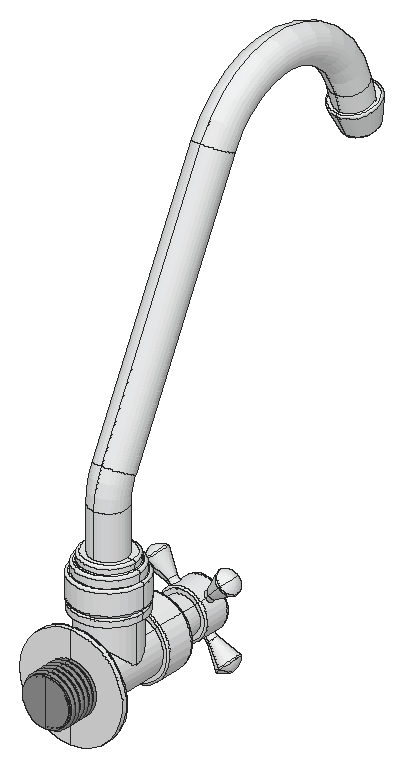
Revit family "415090001_Lavaplatos sencillo de pared CTA Balta", category Plumbing Fixtures, host Wall, Revit 2020
Family settings
  Host = Wall
  Round Connector Dimension = Use Diameter
  Part Type = Normal
  OmniClass Number = 23.31.11.00
  OmniClass Title = Faucets
  Always vertical = Yes
  Cut with Voids When Loaded = No
  Shared = No
  Room Calculation Point = No
Parameters (values of type "Lavaplatos sencillo de pared CTA Balta")
  Vida útil = "(Unidad de cierre): 500000 ciclos."  # constant formula
  Temperatura de uso = "De 4° C a 66° C (40° F y 150° F)."  # constant formula
  Recubrimientos = "Resistente a la corrosión, pelado y decoloración por agua. Recubrimiento no tóxico. Condición de servicio recomendada, uso doméstico."  # constant formula
  Profundidad = 236.5 mm
  Presión mínima recomendada = "138 kPa (20 psi)."  # constant formula
  Presión máxima recomendada = "860 kPa (125 psi)."  # constant formula
  Normatividad = "NTC 1644"  # constant formula
  Model = "Lavaplatos sencillo de pared CTA Balta."  # constant formula
  Material 2 = Corona_Acero inoxidable
  Material = Corona_Aluminio
  Manufacturer = "Corona."  # constant formula
  Fecha de creación = "29/04/2021"  # constant formula
  Diámetro abasto = 12.7 mm
  Description = "Para la fabricación de este producto se utilizan materiales, equipos y tecnología de ultima generación que permiten ofrecer una grifería con los mas altos estándares de calidad."  # constant formula
  Default Elevation = 0 mm
  Creado por = "BIMBAU"  # constant formula
  Capacidad de flujo = "8.3 L/min. (2.2 gpm) a 413 kPa (60 psi)."  # constant formula
  Ancho = 60 mm
  Alto = 329.3 mm
Reference planes
  plane 1 "Wall": y = 0
  plane 2 "Center (Left/Right)": x = 125
  plane 3 "Back": y = 75
Text (mm)
  text "Placement Side" at (-1848.837, 1116.779, 0), in view "Ref. Level"
  text "Placement side" at (0, 1409.804, 2854.306), in view "Left"
  text "Placement side" at (0, 499.811, 2980.732), in view "Right"
Dimensions and locks
  locked: plane 3 "Back" to host wall
  aligned and locked: plane 1 "Wall" to host wall
  aligned and locked: nested 1 to plane 3 "Back"
Nested families
  nested 1: "Lavaplatos sencillo de pared CTA Balta" at (125, 75, 500) x (-1, 0, 0) z (0, 0, 1), type "Lavaplatos sencillo de pared CTA Balta"
Connectors
  piping at (125, 55, 467.243), diameter 12.7, driven by "Diámetro abasto"
    settings: on nested 1, index 1, connector inside diameter 609.6 mm, connector length 0 mm, flow factor 0, pipe flow 0.0 L/s, pressure drop 0.0 Pa, fitting loss kfactor 0, connector angle 0.00°, fixture units 0, engagement length 0 mm, angle of deflection 0.00°, flow configuration 0, flow direction 0, fitting loss method 0, system type 7, joint type 0, gender type 0, connector reference index -1, connector utility 0, adjustable connector no, is connector primary yes, connector description ""
Definition of nested family "Lavaplatos sencillo de pared CTA Balta"
  Parameters (values of type "Lavaplatos sencillo de pared CTA Balta")
    Profundidad = 236.5 mm
    Model = "415090001_Lavaplatos sencillo de pared CTA Balta"  # constant formula
    Material 2 = none
    Material = none
    Manufacturer = "Corona"  # constant formula
    Description = "Para la fabricación de este producto se utilizan materiales, equipos y tecnología de ultima generación que permiten ofrecer una grifería con los mas altos estándares de calidad."  # constant formula
    Default Elevation = 0 mm
    Ancho = 60 mm
    Alto = 329.3 mm
  Reference planes
    plane 1 "Center (Front/Back)": y = 0
    plane 2: z = 0
    plane 3 "Center (Left/Right)": x = 0
    plane 4: z = -60
    plane 5: x = 30
    plane 6: x = -30
    plane 7: y = -236.5
    plane 8: z = 269.3
  Forms (mm)
    Revolve 1, solid, material <- "Material", detail levels medium+fine
      sketch origin (20.998, -7.802, -51.07) x (-0.707107, 0, 0.707107) y (0, -1, 0)
        loop
          line (11.362, -7.802) -> (29.696, -7.802) -> (29.696, 104.008)
          arc (29.696, 104.008) -> (21.883, 102.485) -> (15.213, 98.14) r 20.806
          arc (15.213, 98.14) -> (14.506, 97.848) -> (14.213, 97.14) r 1
          line (14.213, 97.14) -> (14.213, 81.439)
          arc (14.213, 81.439) -> (14.506, 80.732) -> (15.213, 80.439) r 1
          line (15.213, 80.439) -> (18.11, 80.439) -> (16.358, 66.173)
          arc (16.358, 66.173) -> (16.16, 65.797) -> (15.763, 65.646) r 0.6
          line (15.763, 65.646) -> (14.575, 65.646)
          arc (14.575, 65.646) -> (13.938, 65.383) -> (13.675, 64.746) r 0.9
          line (13.675, 64.746) -> (13.675, 62.327)
          arc (13.675, 62.327) -> (13.382, 61.619) -> (12.675, 61.327) r 1
          line (12.675, 61.327) -> (8.492, 61.327)
          arc (8.492, 61.327) -> (7.785, 61.034) -> (7.492, 60.327) r 1
          line (7.492, 60.327) -> (7.492, 43.198)
          arc (7.492, 43.198) -> (7.785, 42.491) -> (8.492, 42.198) r 1
          line (8.492, 42.198) -> (11.362, 42.198) -> (11.362, -7.802)
        axis (29.696, 104.008) -> (29.696, -7.802)
      angle from 0 to 360
    Revolve 2, solid, material <- "Material", detail levels medium+fine
      sketch origin (21.882, -11.552, -51.954) x (-0.707107, 0, 0.707107) y (0, -1, 0)
        loop
          line (-6.337, 84.771) -> (19.448, 84.771) -> (19.448, 89.387)
          arc (19.448, 89.387) -> (16.023, 87.819) -> (12.261, 88.024) r 7.857
          line (12.261, 88.024) -> (-1.509, 92.234)
          arc (-1.509, 92.234) -> (-2.005, 92.257) -> (-2.451, 92.038) r 1
          arc (-2.451, 92.038) -> (-5.078, 88.77) -> (-6.337, 84.771) r 11.338
        axis (-6.337, 84.771) -> (19.448, 84.771)
      angle from 0 to 360
    Revolve 3, solid, material <- "Material", detail levels medium+fine
      sketch origin (-21.882, -11.552, -8.19) x (0.707107, 0, -0.707107) y (0, 1, 0)
        loop
          arc (-6.337, -84.771) -> (-5.078, -88.77) -> (-2.451, -92.038) r 11.338
          arc (-2.451, -92.038) -> (-2.005, -92.257) -> (-1.509, -92.234) r 1
          line (-1.509, -92.234) -> (12.261, -88.024)
          arc (12.261, -88.024) -> (16.023, -87.819) -> (19.448, -89.387) r 7.857
          line (19.448, -89.387) -> (19.448, -84.771) -> (-6.337, -84.771)
        axis (-6.337, -84.771) -> (19.448, -84.771)
      angle from 0 to 360
    Revolve 4, solid, material <- "Material", detail levels medium+fine
      sketch origin (-21.882, -11.552, -51.954) x (0.707107, 0, 0.707107) y (0, -1, 0)
        loop
          line (-6.337, 84.771) -> (19.448, 84.771) -> (19.448, 89.387)
          arc (19.448, 89.387) -> (16.023, 87.819) -> (12.261, 88.024) r 7.857
          line (12.261, 88.024) -> (-1.509, 92.234)
          arc (-1.509, 92.234) -> (-2.005, 92.257) -> (-2.451, 92.038) r 1
          arc (-2.451, 92.038) -> (-5.078, 88.77) -> (-6.337, 84.771) r 11.338
        axis (-6.337, 84.771) -> (19.448, 84.771)
      angle from 0 to 360
    Revolve 5, solid, material <- "Material", detail levels medium+fine
      sketch origin (21.882, -11.552, -8.19) x (-0.707107, 0, -0.707107) y (0, 1, 0)
        loop
          arc (-6.337, -84.771) -> (-5.078, -88.77) -> (-2.451, -92.038) r 11.338
          arc (-2.451, -92.038) -> (-2.005, -92.257) -> (-1.509, -92.234) r 1
          line (-1.509, -92.234) -> (12.261, -88.024)
          arc (12.261, -88.024) -> (16.023, -87.819) -> (19.448, -89.387) r 7.857
          line (19.448, -89.387) -> (19.448, -84.771) -> (-6.337, -84.771)
        axis (-6.337, -84.771) -> (19.448, -84.771)
      angle from 0 to 360
    Extrusion 6, solid, material <- "Material", detail levels medium+fine
      sketch origin (0, 0, 0) x (1, 0, 0) y (0, 1, 0)
        loop
          circle (0, -30) r 18
      from -30.201 to 0
    Revolve 7, solid, material <- "Material", detail levels medium+fine
      sketch origin (0, -30, -27.171) x (1, 0, 0) y (0, 0, 1)
        loop
          spline (-19.541, 32.897) -> (-19.489, 32.879) -> (-19.441, 32.827) -> (-19.4, 32.745) -> (-19.368, 32.637) -> (-19.348, 32.512) -> (-19.341, 32.378) -> (-19.348, 32.243) -> (-19.368, 32.118) -> (-19.4, 32.011) -> (-19.441, 31.928) -> (-19.489, 31.876) -> (-19.541, 31.859)
          line (-19.541, 31.859) -> (-20.538, 31.859)
          arc (-20.538, 31.859) -> (-21.245, 31.566) -> (-21.538, 30.859) r 1
          line (-21.538, 30.859) -> (-21.538, 27.171) -> (0, 27.171) -> (0, 59.311) -> (-15.174, 59.311)
          arc (-15.174, 59.311) -> (-16.235, 58.872) -> (-16.674, 57.811) r 1.5
          line (-16.674, 57.811) -> (-16.674, 54.919)
          arc (-16.674, 54.919) -> (-16.821, 54.565) -> (-17.174, 54.419) r 0.5
          line (-17.174, 54.419) -> (-18.041, 54.419)
          arc (-18.041, 54.419) -> (-19.102, 53.979) -> (-19.541, 52.919) r 1.5
          line (-19.541, 52.919) -> (-19.541, 48.467) -> (-20.532, 48.467)
          arc (-20.532, 48.467) -> (-21.593, 48.028) -> (-22.032, 46.967) r 1.5
          line (-22.032, 46.967) -> (-22.032, 33.897)
          arc (-22.032, 33.897) -> (-21.739, 33.19) -> (-21.032, 32.897) r 1
          line (-21.032, 32.897) -> (-19.541, 32.897)
        axis (0, 59.311) -> (0, 27.171)
      angle from 0 to 360
    Sweep 8, solid, material <- "Material", detail levels medium+fine
      path origin (26.25, -115.521, 0) x (0, 1, 0) y (0, 0, 1)
        loop
          line (97.401, 0) -> (97.401, 59.52)
          arc (97.401, 59.52) -> (95.916, 71.616) -> (91.548, 82.993) r 50
          line (91.548, 82.993) -> (12.233, 232.163)
          arc (12.233, 232.163) -> (-56.282, 268.978) -> (-116.514, 219.766) r 70
          line (-116.514, 219.766) -> (-121.452, 203.616)
      profile origin (26.25, -18.12, 29.76) x (0, -1, 0) y (1, 0, 0)
        loop
          circle (11.216, -26.25) r 11.216
    Revolve 9, solid, material <- "Material", detail levels medium+fine
      sketch origin (-0.129, -118.021, 0) x (0, 1, 0) y (0, 0, 1)
        loop
          line (-122.148, 191.426) -> (-112.572, 188.499) -> (-107.341, 205.609) -> (-120.528, 209.64)
          arc (-120.528, 209.64) -> (-121.39, 209.506) -> (-121.819, 208.747) r 1
          line (-121.819, 208.747) -> (-122.854, 192.446)
          arc (-122.854, 192.446) -> (-122.678, 191.814) -> (-122.148, 191.426) r 1
        axis (-107.341, 205.609) -> (-112.572, 188.499)
      angle from 0 to 360
    Revolve 10, solid, material <- "Material", detail levels medium+fine
      sketch origin (0, 0, 0) x (0, 1, 0) y (0, 0, 1)
        loop
          line (0, -32.757) -> (0, 0) -> (-3.147, 0)
          arc (-3.147, 0) -> (-3.545, -0.155) -> (-3.735, -0.539) r 0.59
          line (-3.735, -0.539) -> (-4.812, -12.855)
          arc (-4.812, -12.855) -> (-4.922, -14.532) -> (-4.959, -16.211) r 38.507
          line (-4.959, -16.211) -> (-4.959, -32.757) -> (0, -32.757)
        axis (0, -32.757) -> (-4.959, -32.757)
      angle from 0 to 360
    Revolve 11, solid, material <- "Material 2", detail levels medium+fine
      sketch origin (0, 0, 0) x (0, 1, 0) y (0, 0, 1)
        loop
          line (0, -32.757) -> (20, -32.757) -> (20, -17.757)
          arc (20, -17.757) -> (19.25, -18.507) -> (18.5, -17.757) r 0.75
          arc (18.5, -17.757) -> (17.5, -16.757) -> (16.5, -17.757) r 1
          arc (16.5, -17.757) -> (15.75, -18.507) -> (15, -17.757) r 0.75
          arc (15, -17.757) -> (14, -16.757) -> (13, -17.757) r 1
          arc (13, -17.757) -> (12.25, -18.507) -> (11.5, -17.757) r 0.75
          arc (11.5, -17.757) -> (10.5, -16.757) -> (9.5, -17.757) r 1
          arc (9.5, -17.757) -> (8.75, -18.507) -> (8, -17.757) r 0.75
          arc (8, -17.757) -> (7, -16.757) -> (6, -17.757) r 1
          arc (6, -17.757) -> (5.25, -18.507) -> (4.5, -17.757) r 0.75
          arc (4.5, -17.757) -> (3.5, -16.757) -> (2.5, -17.757) r 1
          arc (2.5, -17.757) -> (1.75, -18.507) -> (1, -17.757) r 0.75
          arc (1, -17.757) -> (0.707, -17.05) -> (0, -16.757) r 1
          line (0, -16.757) -> (0, -32.757)
        axis (0, -32.757) -> (20, -32.757)
      angle from 0 to 360
    Extrusion 12, solid, material <- "Material", detail levels coarse
      sketch origin (0, 0, 0) x (1, 0, 0) y (0, 0, 1)
        loop
          line (-30, 269.3) -> (-30, -60) -> (30, -60) -> (30, 269.3) -> (-30, 269.3)
      from 0 to 236.5
  Cuts and joins
    joined: Revolve 1, Revolve 10
  Dimensions and locks
    "Profundidad": plane 1 "Center (Front/Back)" to plane 7
    "Ancho": plane 6 to plane 5
    "Alto": plane 8 to plane 4
    aligned and locked: level to plane 2
  Automatic sketch dimensions
    plane 1 "Center (Front/Back)" to Revolve 1 sketch curve = 0 mm
    plane 1 "Center (Front/Back)" to Revolve 1 sketch curve = 68.128 mm
    Revolve 1 sketch curve to Revolve 1 sketch curve = 1 mm  (x5)
    Revolve 1 sketch curve to Revolve 1 sketch curve = 2.87 mm
    Revolve 1 sketch curve to Revolve 1 sketch curve = 4.182 mm
    Revolve 1 sketch curve to Revolve 1 sketch curve = 0.539 mm
    Revolve 1 sketch curve to Revolve 1 sketch curve = 0.9 mm
    Revolve 1 sketch curve to Revolve 1 sketch curve = 1.188 mm
    plane 1 "Center (Front/Back)" to Revolve 1 sketch curve = 73.975 mm
    Revolve 1 sketch curve to Revolve 1 sketch curve = 0.596 mm
    Revolve 1 sketch curve to Revolve 1 sketch curve = 2.896 mm
    Revolve 1 sketch curve to Revolve 1 sketch curve = 11.586 mm
    Revolve 1 sketch curve to Revolve 1 sketch curve = 18.128 mm
    Revolve 1 sketch curve to Revolve 1 sketch curve = 2.42 mm
    Revolve 1 sketch curve to Revolve 1 sketch curve = 14.192 mm
    Revolve 1 sketch curve to Revolve 1 sketch curve = 2.763 mm
    Revolve 1 sketch curve to Revolve 1 sketch curve = 15.702 mm
    Revolve 1 sketch curve to Revolve 1 sketch curve = 13.338 mm
    Revolve 1 sketch curve to Revolve 1 sketch curve = 11.014 mm
    Revolve 1 sketch curve to Revolve 1 sketch curve = 8.043 mm
    plane 1 "Center (Front/Back)" to Revolve 2 sketch curve = 96.323 mm
    Revolve 2 sketch curve to Revolve 2 sketch curve = 4.536 mm
    plane 1 "Center (Front/Back)" to Revolve 2 sketch curve = 103.786 mm
    Revolve 2 sketch curve to Revolve 2 sketch curve = 0.292 mm
    Revolve 2 sketch curve to Revolve 2 sketch curve = 6.721 mm
    plane 1 "Center (Front/Back)" to Revolve 2 sketch curve = 99.576 mm
    Revolve 2 sketch curve to Revolve 2 sketch curve = 7.341 mm
    Revolve 2 sketch curve to Revolve 2 sketch curve = 2.297 mm
    Revolve 2 sketch curve to Revolve 2 sketch curve = 7.186 mm
    Revolve 2 sketch curve to Revolve 2 sketch curve = 4.601 mm
    Revolve 2 sketch curve to Revolve 2 sketch curve = 4.617 mm
    Revolve 2 sketch curve to Revolve 2 sketch curve = 0.956 mm
    Revolve 2 sketch curve to Revolve 2 sketch curve = 1.352 mm
    Revolve 2 sketch curve to Revolve 2 sketch curve = 2.585 mm
    Revolve 2 sketch curve to Revolve 2 sketch curve = 1.347 mm
    plane 1 "Center (Front/Back)" to Revolve 3 sketch curve = 96.323 mm
    Revolve 3 sketch curve to Revolve 3 sketch curve = 4.536 mm
    plane 1 "Center (Front/Back)" to Revolve 3 sketch curve = 103.786 mm
    Revolve 3 sketch curve to Revolve 3 sketch curve = 0.292 mm
    Revolve 3 sketch curve to Revolve 3 sketch curve = 6.721 mm
    plane 1 "Center (Front/Back)" to Revolve 3 sketch curve = 99.576 mm
    Revolve 3 sketch curve to Revolve 3 sketch curve = 7.341 mm
    Revolve 3 sketch curve to Revolve 3 sketch curve = 2.297 mm
    Revolve 3 sketch curve to Revolve 3 sketch curve = 7.186 mm
    Revolve 3 sketch curve to Revolve 3 sketch curve = 7.514 mm
    Revolve 3 sketch curve to Revolve 3 sketch curve = 0.956 mm
    Revolve 3 sketch curve to Revolve 3 sketch curve = 4.601 mm
    Revolve 3 sketch curve to Revolve 3 sketch curve = 1.352 mm
    Revolve 3 sketch curve to Revolve 3 sketch curve = 2.585 mm
    Revolve 3 sketch curve to Revolve 3 sketch curve = 1.347 mm
    plane 1 "Center (Front/Back)" to Revolve 4 sketch curve = 96.323 mm
    Revolve 4 sketch curve to Revolve 4 sketch curve = 4.536 mm
    plane 1 "Center (Front/Back)" to Revolve 4 sketch curve = 103.786 mm
    Revolve 4 sketch curve to Revolve 4 sketch curve = 0.292 mm
    Revolve 4 sketch curve to Revolve 4 sketch curve = 6.721 mm
    plane 1 "Center (Front/Back)" to Revolve 4 sketch curve = 99.576 mm
    Revolve 4 sketch curve to Revolve 4 sketch curve = 7.341 mm
    Revolve 4 sketch curve to Revolve 4 sketch curve = 2.297 mm
    Revolve 4 sketch curve to Revolve 4 sketch curve = 7.186 mm
    Revolve 4 sketch curve to Revolve 4 sketch curve = 4.601 mm
    Revolve 4 sketch curve to Revolve 4 sketch curve = 4.617 mm
    Revolve 4 sketch curve to Revolve 4 sketch curve = 0.956 mm
    Revolve 4 sketch curve to Revolve 4 sketch curve = 1.352 mm
    Revolve 4 sketch curve to Revolve 4 sketch curve = 2.585 mm
    Revolve 4 sketch curve to Revolve 4 sketch curve = 1.347 mm
    plane 1 "Center (Front/Back)" to Revolve 5 sketch curve = 96.323 mm
    Revolve 5 sketch curve to Revolve 5 sketch curve = 4.536 mm
    plane 1 "Center (Front/Back)" to Revolve 5 sketch curve = 103.786 mm
    Revolve 5 sketch curve to Revolve 5 sketch curve = 0.292 mm
    Revolve 5 sketch curve to Revolve 5 sketch curve = 6.721 mm
    plane 1 "Center (Front/Back)" to Revolve 5 sketch curve = 99.576 mm
    Revolve 5 sketch curve to Revolve 5 sketch curve = 7.341 mm
    Revolve 5 sketch curve to Revolve 5 sketch curve = 2.297 mm
    Revolve 5 sketch curve to Revolve 5 sketch curve = 7.186 mm
    Revolve 5 sketch curve to Revolve 5 sketch curve = 7.514 mm
    Revolve 5 sketch curve to Revolve 5 sketch curve = 0.956 mm
    Revolve 5 sketch curve to Revolve 5 sketch curve = 4.601 mm
    Revolve 5 sketch curve to Revolve 5 sketch curve = 1.352 mm
    Revolve 5 sketch curve to Revolve 5 sketch curve = 2.585 mm
    Revolve 5 sketch curve to Revolve 5 sketch curve = 1.347 mm
    Extrusion 6 sketch curve to plane 3 "Center (Left/Right)" = 0 mm
    plane 1 "Center (Front/Back)" to Extrusion 6 sketch curve = 30 mm
    Revolve 7 sketch curve to level = 0 mm
    Revolve 7 sketch curve to plane 3 "Center (Left/Right)" = 0 mm  (x2)
    Revolve 7 sketch curve to plane 6 = 14.826 mm
    Revolve 7 sketch curve to Revolve 7 sketch curve = 1.5 mm  (x3)
    Revolve 7 sketch curve to Revolve 7 sketch curve = 0.5 mm
    Revolve 7 sketch curve to Revolve 7 sketch curve = 0.867 mm
    level to Revolve 7 sketch curve = 5.726 mm
    Revolve 7 sketch curve to plane 6 = 10.459 mm
    Revolve 7 sketch curve to Revolve 7 sketch curve = 0.991 mm
    Revolve 7 sketch curve to Revolve 7 sketch curve = 0.997 mm
    Revolve 7 sketch curve to Revolve 7 sketch curve = 1.491 mm
    Revolve 7 sketch curve to Revolve 7 sketch curve = 1 mm
    Revolve 7 sketch curve to Revolve 7 sketch curve = 2.038 mm
    Revolve 7 sketch curve to Revolve 7 sketch curve = 13.071 mm
    Revolve 7 sketch curve to Revolve 7 sketch curve = 4.451 mm
    Revolve 7 sketch curve to Revolve 7 sketch curve = 2.893 mm
    Revolve 7 sketch curve to level = 7.834 mm
    Revolve 7 sketch curve to Revolve 7 sketch curve = 15.475 mm
    Sweep 8 sketch curve to level = 0 mm
    plane 7 to Sweep 8 sketch curve = 4.464 mm
    Sweep 8 sketch curve to Sweep 8 sketch curve = 66.941 mm
    Sweep 8 sketch curve to plane 8 = 37.137 mm
    Sweep 8 sketch curve to Sweep 8 sketch curve = 61.806 mm
    plane 1 "Center (Front/Back)" to Sweep 8 sketch curve = 68.12 mm
    plane 1 "Center (Front/Back)" to Sweep 8 sketch curve = 23.973 mm
    plane 1 "Center (Front/Back)" to Sweep 8 sketch curve = 18.12 mm
    level to Sweep 8 sketch curve = 59.52 mm
    Sweep 8 sketch curve to Sweep 8 sketch curve = 32.863 mm
    Sweep 8 sketch curve to plane 7 = 0.473 mm
    Sweep 8 sketch curve to Sweep 8 sketch curve = 16.15 mm
    Sweep 8 sketch curve to profile plane = 11.216 mm
    Sweep 8 sketch curve to profile plane = 26.25 mm
    Revolve 9 sketch curve to plane 7 = 4.375 mm
    Revolve 9 sketch curve to Revolve 9 sketch curve = 0.706 mm
    Revolve 9 sketch curve to Revolve 9 sketch curve = 0.292 mm  (x2)
    Revolve 9 sketch curve to plane 7 = 3.34 mm
    Revolve 9 sketch curve to Revolve 9 sketch curve = 0.998 mm
    plane 7 to Revolve 9 sketch curve = 5.906 mm
    plane 7 to Revolve 9 sketch curve = 11.137 mm
    Revolve 9 sketch curve to plane 8 = 80.801 mm
    Revolve 9 sketch curve to Revolve 9 sketch curve = 2.928 mm
    Revolve 9 sketch curve to Revolve 9 sketch curve = 0.956 mm  (x2)
    Revolve 9 sketch curve to Revolve 9 sketch curve = 1.414 mm
    Revolve 9 sketch curve to Revolve 9 sketch curve = 0.16 mm
    Revolve 9 sketch curve to Revolve 9 sketch curve = 4.625 mm
    Revolve 9 sketch curve to Revolve 9 sketch curve = 0.524 mm
    Revolve 10 sketch curve to level = 0 mm
    Revolve 10 sketch curve to plane 1 "Center (Front/Back)" = 0 mm
    plane 1 "Center (Front/Back)" to Revolve 10 sketch curve = 3.147 mm
    Revolve 10 sketch curve to level = 0.539 mm
    Revolve 10 sketch curve to Revolve 10 sketch curve = 0.588 mm
    plane 1 "Center (Front/Back)" to Revolve 10 sketch curve = 4.812 mm
    Revolve 10 sketch curve to Revolve 10 sketch curve = 0.147 mm
    Revolve 10 sketch curve to level = 16.211 mm
    Revolve 10 sketch curve to plane 1 "Center (Front/Back)" = 33.549 mm
    Revolve 10 sketch curve to Revolve 10 sketch curve = 16.545 mm
    plane 1 "Center (Front/Back)" to Revolve 10 sketch curve = 2.459 mm
    Revolve 10 sketch curve to Revolve 10 sketch curve = 1.28 mm
    Revolve 10 sketch curve to Revolve 10 sketch curve = 0 mm
    Revolve 11 sketch curve to plane 1 "Center (Front/Back)" = 0 mm
    Revolve 11 sketch curve to Revolve 11 sketch curve = 1.75 mm  (x11)
    Revolve 11 sketch curve to Revolve 11 sketch curve = 0.75 mm
    plane 4 to Revolve 11 sketch curve = 27.243 mm
    Revolve 11 sketch curve to Revolve 11 sketch curve = 15 mm
    Revolve 11 sketch curve to Revolve 11 sketch curve = 1 mm
    Revolve 11 sketch curve to Revolve 11 sketch curve = 0 mm  (x11)
    Revolve 11 sketch curve to plane 1 "Center (Front/Back)" = 1.58 mm
    Revolve 11 sketch curve to Revolve 11 sketch curve = 5.841 mm
    Extrusion 12 sketch curve to plane 4 = 0 mm
    plane 6 to Extrusion 12 sketch curve = 0 mm
    Extrusion 12 sketch curve to plane 5 = 0 mm
    Extrusion 12 sketch curve to plane 8 = 0 mm
    radius of Extrusion 6 sketch curve = 18 mm
    radius of Sweep 8 sketch curve = 11.216 mm
  Nested families
    nested 1: "Lateral" at (0, 0, -65.513) x (0, -1, 0) z (1, 0, 0), type "Lateral", detail levels medium+fine
    nested 2: "Frontal" at (0, 0, -60) x (1, 0, 0) z (0, -1, 0), type "Frontal", detail levels medium+fine
  Definition of nested family "Lateral"
    Reference planes
      plane 1 "Center (Front/Back)": y = 0
      plane 2: z = 0
      plane 3 "Center (Left/Right)": x = 0
      plane 4: x = 237
      plane 5: y = 329
    Lines and regions (mm)
      Filled region 1, type "Solid", in view "Ref. Level"
        outline origin (0, 0, 0) x (1, 0, 0) y (0, 1, 0)
          loop
            line (0, 0) -> (3.594, 0)
            arc (3.594, 0) -> (4.62, 0.406) -> (5.091, 1.403) r 1.5
            line (5.091, 1.403) -> (5.377, 5.843)
            arc (5.377, 5.843) -> (6.188, 30.974) -> (5.377, 56.104) r 390
            line (5.377, 56.104) -> (5.093, 60.503)
            arc (5.093, 60.503) -> (4.609, 61.53) -> (3.553, 61.947) r 1.544
            line (3.553, 61.947) -> (0, 61.947) -> (0, 0)
      Filled region 2, type "Solid", in view "Ref. Level"
        outline origin (0, 0, 0) x (1, 0, 0) y (0, 1, 0)
          loop
            arc (5.812, 48.081) -> (6.188, 30.58) -> (5.777, 13.081) r 390
            line (5.777, 13.081) -> (51.033, 13.081) -> (51.033, 9.081) -> (69.533, 9.081) -> (69.533, 15.081) -> (73.479, 15.919) -> (73.479, 18.419) -> (87.944, 19.431) -> (87.944, 15.931) -> (91.944, 15.931) -> (89.059, 8.003)
            spline (89.059, 8.003) -> (89.323, 6.528) -> (90.097, 5.153) -> (91.329, 3.972) -> (92.934, 3.066) -> (94.803, 2.497) -> (96.809, 2.303) -> (98.815, 2.497) -> (100.684, 3.066) -> (102.289, 3.972) -> (103.52, 5.153) -> (104.295, 6.528) -> (104.559, 8.003)
            line (104.559, 8.003) -> (101.673, 15.931) -> (106.173, 15.931) -> (106.173, 16.931)
            spline (106.173, 16.931) -> (107.726, 17.396) -> (109.173, 18.759) -> (110.416, 20.929) -> (111.37, 23.756) -> (111.969, 27.048) -> (112.173, 30.581) -> (111.969, 34.113) -> (111.37, 37.405) -> (110.416, 40.232) -> (109.173, 42.402) -> (107.726, 43.765) -> (106.173, 44.23)
            line (106.173, 44.23) -> (106.173, 45.23) -> (101.673, 45.23) -> (104.559, 53.158)
            spline (104.559, 53.158) -> (104.295, 54.633) -> (103.52, 56.008) -> (102.289, 57.189) -> (100.684, 58.095) -> (98.815, 58.664) -> (96.809, 58.858) -> (94.803, 58.664) -> (92.934, 58.095) -> (91.329, 57.189) -> (90.097, 56.008) -> (89.323, 54.633) -> (89.059, 53.158)
            line (89.059, 53.158) -> (91.944, 45.23) -> (87.944, 45.23) -> (87.944, 41.73) -> (73.479, 42.742) -> (73.479, 45.242) -> (69.533, 46.081) -> (69.533, 52.081) -> (51.033, 52.081) -> (51.033, 48.081) -> (47.533, 48.081) -> (47.533, 60.581) -> (12.533, 60.581) -> (12.533, 48.081) -> (5.812, 48.081)
      Filled region 3, type "Solid", in view "Ref. Level"
        outline origin (0, 0, 0) x (1, 0, 0) y (0, 1, 0)
          loop
            line (51.779, 60.581) -> (51.779, 64.081) -> (49.279, 64.081) -> (49.279, 65.831) -> (51.779, 65.831) -> (51.779, 80.331)
            arc (51.779, 80.331) -> (51.066, 82.236) -> (49.279, 83.206) r 2.904
            line (49.279, 83.206) -> (49.279, 85.706)
            arc (49.279, 85.706) -> (48.553, 87.458) -> (46.801, 88.184) r 2.477
            line (46.801, 88.184) -> (46.801, 90.184) -> (45.033, 91.952) -> (15.033, 91.952) -> (13.266, 90.184) -> (13.266, 88.184)
            arc (13.266, 88.184) -> (11.514, 87.458) -> (10.788, 85.706) r 2.477
            line (10.788, 85.706) -> (10.788, 83.206)
            arc (10.788, 83.206) -> (9.001, 82.236) -> (8.288, 80.331) r 2.904
            line (8.288, 80.331) -> (8.288, 65.831) -> (10.788, 65.831) -> (10.788, 64.081) -> (8.288, 64.081) -> (8.288, 60.581) -> (51.779, 60.581)
      Filled region 4, type "Solid", in view "Ref. Level"
        outline origin (0, 0, 0) x (1, 0, 0) y (0, 1, 0)
          loop
            line (18.066, 91.952) -> (40.066, 91.952) -> (40.066, 117.74)
            arc (40.066, 117.74) -> (41.106, 126.207) -> (44.163, 134.171) r 35
            line (44.163, 134.171) -> (125.023, 286.247)
            arc (125.023, 286.247) -> (165.432, 307.002) -> (205.399, 285.408) r 48.727
            line (205.399, 285.408) -> (218.726, 265.526) -> (214.572, 262.742) -> (230.862, 249.216) -> (247.475, 260.352) -> (241.153, 280.56) -> (237, 277.776) -> (223.673, 297.657)
            arc (223.673, 297.657) -> (164.923, 329.004) -> (106.173, 297.657) r 70.727
            line (106.173, 297.657) -> (22.163, 139.657)
            arc (22.163, 139.657) -> (19.106, 131.692) -> (18.066, 123.225) r 35
            line (18.066, 123.225) -> (18.066, 91.952)
      detail lines, in view "Ref. Level"
        curve 1: line (101.673, 15.931, 0) -> (100.291, 19.73, 0)
        curve 2: line (91.944, 15.931, 0) -> (93.327, 19.73, 0)
        curve 3: arc (92.83, 23.284, 0) -> (96.604, 24.697, 0) -> (100.378, 23.284, 0) r 5.746
        curve 4: line (101.673, 45.23, 0) -> (100.291, 41.431, 0)
        curve 5: line (91.944, 45.23, 0) -> (93.327, 41.431, 0)
        curve 6: arc (92.83, 37.877, 0) -> (96.604, 36.464, 0) -> (100.378, 37.877, 0) r 5.746
        curve 7: line (87.944, 41.73, 0) -> (87.944, 19.431, 0)
        curve 8: line (73.479, 42.742, 0) -> (73.479, 18.419, 0)
        curve 9: line (69.533, 15.081, 0) -> (69.533, 46.081, 0)
        curve 10: line (51.033, 48.081, 0) -> (51.033, 13.081, 0)
        curve 11: line (106.173, 44.23, 0) -> (106.173, 16.931, 0)
        curve 12: line (49.279, 64.081, 0) -> (10.788, 64.081, 0)
        curve 13: line (10.788, 65.831, 0) -> (49.279, 65.831, 0)
        curve 14: line (49.279, 83.206, 0) -> (10.788, 83.206, 0)
        curve 15: line (13.266, 88.184, 0) -> (46.801, 88.184, 0)
        curve 16: line (218.726, 265.526, 0) -> (237, 277.776, 0)
  Definition of nested family "Frontal"
    Reference planes
      plane 1 "Center (Front/Back)": y = 0
      plane 2: z = 0
      plane 3 "Center (Left/Right)": x = 0
      plane 4: x = -30
      plane 5: x = 30
      plane 6: y = 299.3
    Lines and regions (mm)
      Filled region 1, type "Solid Fill - Black", in view "Ref. Level"
        outline origin (0, 0, 0) x (1, 0, 0) y (0, 1, 0)
          loop
            circle (0, 30) r 30
      Filled region 2, type "Solid Fill - Black", in view "Ref. Level"
        outline origin (0, 0, 0) x (1, 0, 0) y (0, 1, 0)
          loop
            arc (6.728, 43.406) -> (10.607, 40.607) -> (13.406, 36.728) r 15
            line (13.406, 36.728) -> (29.984, 44.458)
            spline (29.984, 44.458) -> (30.823, 45.827) -> (31.076, 47.63) -> (30.726, 49.747) -> (29.796, 52.033) -> (28.349, 54.331) -> (26.485, 56.485) -> (24.331, 58.349) -> (22.033, 59.796) -> (19.747, 60.726) -> (17.63, 61.076) -> (15.827, 60.823) -> (14.458, 59.984)
            line (14.458, 59.984) -> (6.728, 43.406)
          loop
            line (-6.728, 43.406) -> (-14.458, 59.984)
            spline (-14.458, 59.984) -> (-15.827, 60.823) -> (-17.63, 61.076) -> (-19.747, 60.726) -> (-22.033, 59.796) -> (-24.331, 58.349) -> (-26.485, 56.485) -> (-28.349, 54.331) -> (-29.796, 52.033) -> (-30.726, 49.747) -> (-31.076, 47.63) -> (-30.823, 45.827) -> (-29.984, 44.458)
            line (-29.984, 44.458) -> (-13.406, 36.728)
            arc (-13.406, 36.728) -> (-10.607, 40.607) -> (-6.728, 43.406) r 15
          loop
            line (6.728, 16.594) -> (14.458, 0.016)
            spline (14.458, 0.016) -> (15.827, -0.823) -> (17.63, -1.076) -> (19.747, -0.726) -> (22.033, 0.204) -> (24.331, 1.651) -> (26.485, 3.515) -> (28.349, 5.669) -> (29.796, 7.967) -> (30.726, 10.253) -> (31.076, 12.37) -> (30.823, 14.173) -> (29.984, 15.542)
            line (29.984, 15.542) -> (13.406, 23.272)
            arc (13.406, 23.272) -> (10.607, 19.393) -> (6.728, 16.594) r 15
          loop
            arc (-6.728, 16.594) -> (-10.607, 19.393) -> (-13.406, 23.272) r 15
            line (-13.406, 23.272) -> (-29.984, 15.542)
            spline (-29.984, 15.542) -> (-30.823, 14.173) -> (-31.076, 12.37) -> (-30.726, 10.253) -> (-29.796, 7.967) -> (-28.349, 5.669) -> (-26.485, 3.515) -> (-24.331, 1.651) -> (-22.033, 0.204) -> (-19.747, -0.726) -> (-17.63, -1.076) -> (-15.827, -0.823) -> (-14.458, 0.016)
            line (-14.458, 0.016) -> (-6.728, 16.594)
      Filled region 3, type "Solid Fill - Black", in view "Ref. Level"
        outline origin (0, 0, 0) x (1, 0, 0) y (0, 1, 0)
          loop
            arc (-16.835, 54.831) -> (0, 60) -> (16.835, 54.831) r 30
            line (16.835, 54.831) -> (16.835, 74.831) -> (14.835, 74.831) -> (14.835, 76.831) -> (0, 76.831) -> (-14.835, 76.831) -> (-14.835, 74.831) -> (-16.835, 74.831) -> (-16.835, 54.831)
      Filled region 4, type "Solid", in view "Ref. Level"
        outline origin (0, 18.093, 0) x (1, 0, 0) y (0, 1, 0)
          loop
            line (-10.541, 58.738) -> (10.541, 58.738) -> (10.541, 189.207)
            arc (10.541, 189.207) -> (12.604, 190.815) -> (13.409, 193.303) r 4.452
            line (13.409, 193.303) -> (14.681, 207.847)
            arc (14.681, 207.847) -> (14.065, 209.548) -> (12.787, 210.828) r 4.175
            line (12.787, 210.828) -> (12.787, 272.895)
            arc (12.787, 272.895) -> (10.352, 278.773) -> (4.475, 281.207) r 8.312
            line (4.475, 281.207) -> (0, 281.207) -> (-2.228, 281.207)
            arc (-2.228, 281.207) -> (-8.106, 278.773) -> (-10.541, 272.895) r 8.312
            line (-10.541, 272.895) -> (-10.541, 211.484)
            arc (-10.541, 211.484) -> (-13.296, 210.446) -> (-14.681, 207.847) r 4.175
            line (-14.681, 207.847) -> (-13.409, 193.303)
            arc (-13.409, 193.303) -> (-12.604, 190.815) -> (-10.541, 189.207) r 4.452
            line (-10.541, 189.207) -> (-10.541, 58.738)
      detail lines, in view "Ref. Level"
        curve 1: spline (0, 10, 0) -> (7.765, 10.681, 0) -> (15, 12.679, 0) -> (21.213, 15.858, 0) -> (25.981, 20, 0) -> (28.978, 24.824, 0) -> (30, 30, 0) -> (28.978, 35.176, 0) -> (25.981, 40, 0) -> (21.213, 44.142, 0) -> (15, 47.321, 0) -> (7.765, 49.319, 0) -> (0, 50, 0) -> (-7.765, 49.319, 0) -> (-15, 47.321, 0) -> (-21.213, 44.142, 0) -> (-25.981, 40, 0) -> (-28.978, 35.176, 0) -> (-30, 30, 0) -> (-28.978, 24.824, 0) -> (-25.981, 20, 0) -> (-21.213, 15.858, 0) -> (-15, 12.679, 0) -> (-7.765, 10.681, 0) -> (0, 10, 0)
        curve 2: circle (0, 30, 0) r 17.5 normal (0, 0, 1)
        curve 3: circle (0, 30, 0) r 15 normal (0, 0, 1)
        curve 4: arc (-10.541, 229.576, 0) -> (1.2, 231.275, 0) -> (12.787, 228.731, 0) r 33.145
        curve 5: spline (-13.39, 211.048, 0) -> (-12.934, 209.513, 0) -> (-11.596, 208.083, 0) -> (-9.468, 206.854, 0) -> (-6.695, 205.912, 0) -> (-3.466, 205.319, 0) -> (0, 205.117, 0) -> (3.466, 205.319, 0) -> (6.695, 205.912, 0) -> (9.468, 206.854, 0) -> (11.596, 208.083, 0) -> (12.934, 209.513, 0) -> (13.39, 211.048, 0) -> (12.934, 212.583, 0) -> (11.596, 214.014, 0) -> (9.468, 215.242, 0) -> (6.695, 216.185, 0) -> (3.466, 216.778, 0) -> (0, 216.98, 0) -> (-3.466, 216.778, 0) -> (-6.695, 216.185, 0) -> (-9.468, 215.242, 0) -> (-11.596, 214.014, 0) -> (-12.934, 212.583, 0) -> (-13.39, 211.048, 0)
